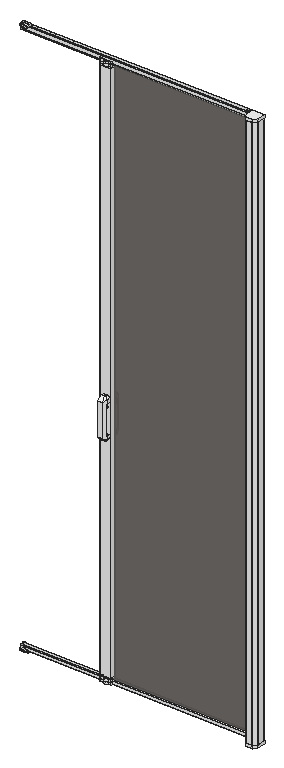
Revit family "Door_Screen-Sliding-Phantom_Screens-Single_Parting-Retractable_Door_Screens-1-3", category Specialty Equipment, Revit 2023
Family settings
  Round Connector Dimension = Use Diameter
  Part Type = Normal
  OmniClass Number = 23.30.60.21
  OmniClass Title = Insect Screens
  Work Plane-Based = No
  Enable Cutting in Views = No
  Always vertical = Yes
  Cut with Voids When Loaded = No
  Maintain Annotation Orientation = No
  Shared = No
  Room Calculation Point = No
Parameters (values of type "Latch Handle")
  Width [instance] = if(Requested Width > Max Width, Max Width, Requested Width)  # 3' - 0"
  URL = "https://www.phantomscreens.com/"
  Type Comments = "Single Parting Door"  # constant formula
  Thickness = 0' - 1 93/128"  # constant formula
  Requested Width [instance] = 3' - 0"
  Requested Height [instance] = 7' - 0"
  Product Page URL = "https://www.phantomscreens.com/retractable-door-screens/"
  Product Name = "Retractable Door Screens"  # constant formula
  Product Documentation Link = "https://www.phantomscreens.com/architects-designers/"
  Model = if(Magnetic Latch, "Magnet Latching System", "Latch and Release System")  # "Latch and Release System"
  Min Height [instance] = 6' - 6"  # constant formula
  Max Width [instance] = if(Height < 8' 4 1/8", 4' 0", 3' 0")  # 4' - 0"
  Max Height [instance] = 10' - 0"  # constant formula
  Manufacturer = "Phantom Mfg. (Int'l) Ltd."  # constant formula
  Magnetic Latch = no
  Latch Handle = not(Magnetic Latch)  # yes
  Height [instance] = if(Requested Height > Max Height, Max Height, if(Requested Height < Min Height, Min Height, Requested Height))  # 7' - 0"
  Finish Screen = Fabric-Privacy_Mesh-Phantom_Screens-Mermet_E-Screen_7505-Charcoal
  Finish = Metal-Aluminum-Phantom_Screens-Classic_White
  Door Opening Width Calc [instance] = if(Screen Opening > Max Width - 0' 4", Max Width - 0' 4", Screen Opening)  # 1' - 0"
  Screen Opening [instance] = 1' - 0"
  Description = if(Magnetic Latch, "Phantom retractable door screen with magnet catch", "Phantom retractable door screen with latching handle")  # "Phantom retractable door screen with latching handle"
  Default Elevation = 0' - 0"
  Assembly Code = "B2010300"
Reference planes (in)
  plane 1 "Center (Front/Back)": y = 0
  plane 2: z = 0
  plane 3 "Center (Left/Right)": x = 28.55646
  plane 4: z = 84
  plane 5 "Left": x = 10.55646
  plane 6 "Right": x = 46.55646
  plane 7 "Front": y = -1.19411
  plane 8 "Back": y = 0.53246
  plane 9 "Door Jamb": x = 22.55646
  plane 10: z = 1.02344
  plane 11: z = 82.99219
  plane 12: x = 44.68143
  plane 13: x = 10.55646
  plane 14: z = 84
  plane 15: x = 22.55646
Forms (in)
  Sweep 1, solid, material "Metal-Aluminum-Phantom_Screens-Classic_White" <- "Finish", detail levels medium+fine
    path origin (0, 0.53246, 0) x (-1, 0, 0) y (0, 0, 1)
      loop
        line (-22.55646, 1.27114) -> (-22.55646, 82.72709)
    profile origin (22.55646, 0.53246, 41.99911) x (-1, 0, 0) y (0, -1, 0)
      loop
        line (-1.73217, 0.22402) -> (-1.46479, 0.22402) -> (-1.46479, 0.14401) -> (-1.73217, 0.14401) -> (-1.73217, 0) -> (-0.20217, 0) -> (-0.20217, 0.10001) -> (-0.12186, 0.10001) -> (-0.12186, 0) -> (0, 0) -> (0, 0.27403) -> (-0.20002, 0.27403) -> (-0.20002, 0.35603) -> (0, 0.35603) -> (0, 0.66506) -> (-0.20102, 0.86608) -> (-1.73217, 0.86608) -> (-1.73217, 0.22402)
  Sweep 2, solid, material "Metal-Aluminum-Phantom_Screens-Classic_White" <- "Finish", detail levels medium+fine
    path origin (0, -1.19411, 0) x (-1, 0, 0) y (0, 0, 1)
      loop
        line (-46.55646, 0.375) -> (-46.55646, 83.625)
    profile origin (46.55646, -1.19411, 42) x (1, 0, 0) y (0, 1, 0)
      loop
        line (-1.75022, 1.29478) -> (-1.75022, 0.59201)
        arc (-1.75022, 0.59201) -> (-1.74457, 0.55531) -> (-1.72814, 0.522) r 0.12207
        line (-1.72814, 0.522) -> (-1.39908, 0.05205)
        arc (-1.39908, 0.05205) -> (-1.35545, 0.01379) -> (-1.29909, 0) r 0.12207
        line (-1.29909, 0) -> (-0.45113, 0)
        arc (-0.45113, 0) -> (-0.39476, 0.01379) -> (-0.35113, 0.05205) r 0.12207
        line (-0.35113, 0.05205) -> (-0.02208, 0.522)
        arc (-0.02208, 0.522) -> (-0.00565, 0.55531) -> (0, 0.59201) r 0.12207
        line (0, 0.59201) -> (0, 1.60883)
        arc (0, 1.60883) -> (-0.11477, 1.72772) -> (-0.23762, 1.6172) r 0.11896
        line (-0.23762, 1.6172) -> (-1.68976, 1.38165)
        arc (-1.68976, 1.38165) -> (-1.85842, 1.43456) -> (-1.75022, 1.29478) r 0.09263
  Sweep 3, solid, material "Metal-Aluminum-Phantom_Screens-Classic_White" <- "Finish", detail levels medium+fine
    path origin (0, 0.53246, 0) x (-1, 0, 0) y (0, 0, 1)
      loop
        line (-10.55646, 84) -> (-44.65018, 84)
    profile origin (27.60332, 0.53246, 84) x (0, 0, 1) y (0, -1, 0)
      loop
        line (0, 0) -> (0, 0.065) -> (-0.315, 0.065) -> (-0.315, 0.453) -> (-0.78198, 0.453)
        arc (-0.78198, 0.453) -> (-0.93097, 0.4163) -> (-0.78016, 0.388) r 0.0785
        line (-0.78016, 0.388) -> (-0.38, 0.388) -> (-0.38, 0.065) -> (-0.931, 0.065) -> (-0.931, 0) -> (0, 0)
  Sweep 4, solid, material "Metal-Aluminum-Phantom_Screens-Classic_White" <- "Finish", detail levels medium+fine
    path origin (0, 0.53246, 90.02002) x (-1, 0, 0) y (0, 0, -1)
      loop
        line (-10.55646, 90.02002) -> (-44.65018, 90.02002)
    profile origin (27.60332, 0.53246, 0) x (0, 0, 1) y (0, -1, 0)
      loop
        line (0, 0) -> (0.931, 0) -> (0.931, 0.065) -> (0.38, 0.065) -> (0.38, 0.388) -> (0.78016, 0.388)
        arc (0.78016, 0.388) -> (0.93097, 0.4163) -> (0.78198, 0.453) r 0.0785
        line (0.78198, 0.453) -> (0.315, 0.453) -> (0.315, 0.065) -> (0, 0.065) -> (0, 0)
  Extrusion 5, solid, material "Metal-Aluminum-Phantom_Screens-Classic_White" <- "Finish", detail levels coarse
    sketch origin (0, 0, 0) x (1, 0, 0) y (0, 1, 0)
      loop
        line (44.68143, 0.53246) -> (44.68143, -1.19411) -> (46.55646, -1.19411) -> (46.55646, 0.53246) -> (44.68143, 0.53246)
    from 0.92969 to 83.07031
  Extrusion 6, solid, material "Metal-Aluminum-Phantom_Screens-Classic_White" <- "Finish", detail levels coarse
    sketch origin (28.55646, 0, 0) x (0, 1, 0) y (0, 0, 1)
      loop
        line (0.53246, 0) -> (0.53246, 0.92969) -> (0.0358, 0.92969) -> (0.0358, 0) -> (0.53246, 0)
      loop
        line (0.53246, 84) -> (0.0358, 84) -> (0.0358, 83.07031) -> (0.53246, 83.07031) -> (0.53246, 84)
    from -18 to 15.56978
  Extrusion 7, solid, material "Metal-Aluminum-Phantom_Screens-Classic_White" <- "Finish", detail levels coarse
    sketch origin (0, 0, 0) x (1, 0, 0) y (0, 1, 0)
      loop
        line (22.55646, 0.53246) -> (22.55646, -0.33363) -> (24.28862, -0.33363) -> (24.28862, 0.53246) -> (22.55646, 0.53246)
    from 1.27114 to 82.72709
  Extrusion 8, solid, material "Fabric-Privacy_Mesh-Phantom_Screens-Mermet_E-Screen_7505-Charcoal" <- "Finish Screen"
    sketch origin (0, 0, 0) x (1, 0, 0) y (0, 1, 0)
      loop
        line (24.02124, 0.38844) -> (24.02124, 0.30843) -> (46.33771, 0.30843) -> (46.33771, 0.38844) -> (24.02124, 0.38844)
    from 0.375 to 83.30479
  Extrusion 9, solid, material "Metal-Aluminum-Phantom_Screens-Classic_White" <- "Finish", visible <- "Magnetic Latch", detail levels fine
    sketch origin (32.25319, 0.3929, 0.4711) x (0, 1, 0) y (0, 0, 1)
      loop
        line (0.09496, 35.18633) -> (0.09496, 36.55418)
        arc (0.09496, 36.55418) -> (-0.23758, 36.88671) -> (-0.57011, 36.55418) r 0.33253
        line (-0.57011, 36.55418) -> (-0.57011, 35.18633)
        arc (-0.57011, 35.18633) -> (-0.23758, 34.8538) -> (0.09496, 35.18633) r 0.33253
    from -9.77296 to -9.69674
  Extrusion 10, solid, material "Metal-Aluminum-Phantom_Screens-Classic_White" <- "Finish", visible <- "Magnetic Latch"
    sketch origin (15.69674, 0.92536, 0.4711) x (-1, 0, 0) y (0, 0, -1)
      loop
        line (5.14028, -36.88671) -> (5.83702, -36.88671) -> (5.83702, -34.8538) -> (5.14028, -34.8538) -> (5.14028, -36.88671)
    from 0.3929 to 1.10256
Lines and regions (in)
  Masking region 1
    outline origin (28.55646, 0, 0) x (0, 1, 0) y (0, 0, 1)
      loop
        line (0.38844, 82.72709) -> (0.30843, 82.72709) -> (0.30843, 1.27114) -> (0.38844, 1.27114) -> (0.38844, 82.72709)
Dimensions and locks (in)
  equal spacing: plane 5 "Left", plane 3 "Center (Left/Right)", plane 6 "Right"
  "Thickness": plane 8 "Back" to plane 7 "Front"
  "Door Opening Width Calc": plane 5 "Left" to plane 9 "Door Jamb"
  "Width": plane 5 "Left" to plane 6 "Right"
  Sweep 2 sketch curve to Sweep 2 sketch curve to Sweep 2 sketch curve to Sweep 2 sketch curve to Sweep 2 sketch curve to Sweep 2 sketch curve to Sweep 2 sketch curve to Sweep 2 sketch curve to profile plane = 0' - 0.12481" locked, 0' - 0.35113" locked, 0' - 0.1" locked, 0' - 0.84796" locked, 0' - 0.1" locked, 0' - 0.11322" locked, 0' - 0.23791" locked, 0' - 0" locked
  Sweep 2 sketch curve to Sweep 2 sketch curve to Sweep 2 sketch curve to Sweep 2 sketch curve to Sweep 2 sketch curve to Sweep 2 sketch curve to Sweep 2 sketch curve to Sweep 2 sketch curve to Sweep 2 sketch curve to profile plane = 0' - 0.25351" locked, 0' - 0.88226" locked, 0' - 0" locked, 0' - 0.07002" locked, 0' - 0" locked, 0' - 0.46994" locked, 0' - 0" locked, 0' - 0.05205" locked, 0' - 0" locked
  Sweep 1 sketch curve to Sweep 1 sketch curve to profile plane to Sweep 1 sketch curve to Sweep 1 sketch curve to Sweep 1 sketch curve to Sweep 1 sketch curve to Sweep 1 sketch curve to Sweep 1 sketch curve to Sweep 1 sketch curve = 0' - 0" locked, 0' - 0" locked, 0' - 0.12186" locked, 0' - 0.07816" locked, 0' - 0.001" locked, 0' - 0.00115" locked, 0' - 1.26261" locked, 0' - 0.26738" locked, 0' - 0" locked
  Sweep 1 sketch curve to Sweep 1 sketch curve to profile plane to Sweep 1 sketch curve to Sweep 1 sketch curve to Sweep 1 sketch curve to Sweep 1 sketch curve to Sweep 1 sketch curve to Sweep 1 sketch curve to Sweep 1 sketch curve = 0' - 0" locked, 0' - 0" locked, 0' - 0.10001" locked, 0' - 0.044" locked, 0' - 0.08001" locked, 0' - 0.05" locked, 0' - 0.08201" locked, 0' - 0.30903" locked, 0' - 0.20102" locked
  plane 10 to level = 0' - 1 3/128"
  locked: plane 4 to plane 11 at 1.00781
  locked: Sweep 3 sketch curve to plane 6 "Right" at 1.90627
  locked: Sweep 4 sketch curve to plane 6 "Right" at 1.90627
  locked: Sweep 2 sketch curve to level at 0.375
  locked: plane 4 to Sweep 2 sketch curve at 0.375
  plane 4 to Sweep 2 = 0' - 0 3/8"
  locked: Extrusion 5 sketch curve to plane 6 "Right" at 1.87502
  locked: Extrusion 5 to level at 0.92969
  locked: plane 4 to Extrusion 5 at 0.92969
  locked: Extrusion 6 sketch curve to plane 2 at 0.92969
  locked: plane 8 "Back" to Extrusion 6 sketch curve at 0.49666  (x2)
  locked: plane 4 to Extrusion 6 sketch curve at 0.92969
  locked: Extrusion 6 to plane 6 "Right" at 2.43022
  Sweep 1 to nested 4 = 0' - 0"
  locked: plane 11 to Sweep 1 sketch curve at 0.2651
  locked: Sweep 1 sketch curve to plane 10 at 0.2477
  equal spacing: Extrusion 7 sketch curve, nested 4, plane 8 "Back"
  locked: Extrusion 7 to plane 10 at 0.2477
  locked: plane 11 to Extrusion 7 at 0.2651
  "Height": plane 4 to level
  locked: plane 4 to nested 4 at 0.69521
  locked: Extrusion 8 sketch curve to plane 6 "Right" at 0.21875
  Extrusion 8 sketch curve to Extrusion 8 sketch curve to plane 8 "Back" = 0' - 0.08001" locked, 0' - 0.14401" locked
  locked: level to Extrusion 8 at 0.375
  locked: plane 4 to Extrusion 8 at 0.69521
  locked: plane 9 "Door Jamb" to Extrusion 8 sketch curve at 1.46479
  locked: plane 4 to nested 8 at 0.36275
  locked: nested 7 to level at 0.35561
  locked: plane 8 "Back" to nested 9 at 0.065
  locked: plane 8 "Back" to nested 10 at 0.065
  Sweep 3 sketch curve to Sweep 3 sketch curve to Sweep 3 sketch curve to Sweep 3 sketch curve to profile plane to Sweep 3 sketch curve = 0' - 0" locked, 0' - 0.551" locked, 0' - 0.065" locked, 0' - 0.315" locked, 0' - 0" locked
  profile plane to nested 2 to Sweep 3 sketch curve to Sweep 3 sketch curve to Sweep 3 sketch curve to Sweep 3 sketch curve to Sweep 3 sketch curve = 0' - 0" locked, 0' - 0.065" locked, 0' - 0" locked, 0' - 0.323" locked, 0' - 0.065" locked, 0' - 0.044" locked
  profile plane to nested 1 to Sweep 4 sketch curve to Sweep 4 sketch curve to Sweep 4 sketch curve to Sweep 4 sketch curve to Sweep 4 sketch curve = 0' - 0" locked, 0' - 0.065" locked, 0' - 0" locked, 0' - 0.323" locked, 0' - 0.065" locked, 0' - 0.044" locked
  profile plane to Sweep 4 sketch curve to Sweep 4 sketch curve to Sweep 4 sketch curve to Sweep 4 sketch curve to Sweep 4 sketch curve = 0' - 0" locked, 0' - 0.315" locked, 0' - 0.065" locked, 0' - 0.551" locked, 0' - 0" locked
  "Requested Width": plane 6 "Right" to plane 13
  "Requested Height": plane 14 to plane 2
  "Screen Opening": plane 5 "Left" to plane 15
  locked: Extrusion 7 sketch curve to plane 8 "Back" at 0.86608
  plane 15 to Extrusion 7 sketch curve = 0' - 1.73217"
  locked: plane 9 "Door Jamb" to Extrusion 7 at 1.73217
  plane 9 "Door Jamb" to nested 6 to Extrusion 5 = 0' - 1" locked, 1' - 11"
  locked: plane 9 "Door Jamb" to nested 5 at 1
  Extrusion 10 sketch curve to Extrusion 10 sketch curve to level = 0' - 2.03291" locked, 2' - 11.3249" locked
  Extrusion 9 sketch curve to plane 1 "Center (Front/Back)" to Extrusion 9 sketch curve = 0' - 0.48786" locked, 0' - 0.17721" locked
  Extrusion 9 sketch curve to Extrusion 9 sketch curve to level = 0' - 2.03291" locked, 2' - 11.3249" locked
  locked: Extrusion 10 sketch curve to Extrusion 10 sketch curve at 0.69674
  plane 15 to Extrusion 9 = 0' - 0.07622"
  "Screen Opening": Extrusion 10 sketch curve to plane 15
  Masking region 1 sketch curve to Masking region 1 sketch curve to plane 1 "Center (Front/Back)" = 0' - 0.08001" locked, 0' - 0.30843" locked
  locked: plane 11 to Masking region 1 sketch curve at 0.2651
  locked: Masking region 1 sketch curve to plane 10 at 0.2477
  locked: plane 9 "Door Jamb" to Extrusion 9 at 0.07622
  aligned and locked: level to plane 2
  aligned and locked: Sweep 1 sketch curve to plane 9 "Door Jamb"
  aligned and locked: Sweep 2 sketch curve to plane 6 "Right"
  aligned and locked: plane 5 "Left" to Sweep 3 sketch curve
  aligned and locked: plane 5 "Left" to Sweep 4 sketch curve
  aligned and locked: Sweep 4 sketch curve to level
  aligned and locked: nested 1 to plane 6 "Right"
  aligned and locked: nested 2 to plane 6 "Right"
  aligned and locked: plane 4 to nested 2
  aligned and locked: nested 1 to level
  aligned and locked: nested 2 to plane 8 "Back"
  aligned and locked: nested 1 to plane 8 "Back"
  aligned and locked: Extrusion 5 sketch curve to nested 1
  aligned and locked: plane 7 "Front" to Extrusion 5 sketch curve
  aligned and locked: plane 6 "Right" to Extrusion 5 sketch curve
  aligned and locked: Extrusion 6 sketch curve to plane 2
  aligned and locked: Extrusion 6 sketch curve to plane 8 "Back"
  aligned and locked: plane 8 "Back" to Extrusion 6 sketch curve
  aligned and locked: Extrusion 6 sketch curve to plane 4
  aligned and locked: Extrusion 6 to plane 5 "Left"
  aligned and locked: nested 3 to plane 9 "Door Jamb"
  aligned and locked: Extrusion 7 sketch curve to nested 3
  aligned and locked: nested 4 to plane 9 "Door Jamb"
  aligned and locked: plane 8 "Back" to nested 4
  aligned and locked: plane 8 "Back" to nested 3
  aligned and locked: plane 9 "Door Jamb" to nested 7
  aligned and locked: nested 9 to plane 2
  aligned and locked: plane 4 to nested 10
  aligned and locked: plane 5 "Left" to nested 10
  aligned and locked: plane 5 "Left" to nested 9
  aligned and locked: nested 11 to plane 6 "Right"
  aligned and locked: nested 11 to plane 7 "Front"
  aligned and locked: plane 9 "Door Jamb" to nested 12
  aligned and locked: nested 12 to plane 8 "Back"
  aligned and locked: plane 9 "Door Jamb" to nested 8
  aligned and locked: plane 8 "Back" to Extrusion 7 sketch curve
  aligned and locked: plane 8 "Back" to nested 7
  aligned and locked: plane 8 "Back" to nested 8
  aligned and locked: plane 9 "Door Jamb" to Extrusion 9
Automatic sketch dimensions
  Sweep 3 sketch curve to plane 4 = 0' - 0"
  Sweep 3 sketch curve to plane 8 "Back" = 0' - 0"
  Sweep 3 sketch curve to Sweep 3 sketch curve = 0' - 0.00182"
  Sweep 4 sketch curve to plane 8 "Back" = 0' - 0"
  Sweep 4 sketch curve to Sweep 4 sketch curve = 0' - 0.00182"
  Sweep 2 sketch curve to Sweep 2 sketch curve = 0' - 0.03218"
  Sweep 2 sketch curve to Sweep 2 sketch curve = 0' - 0.02208"
  Sweep 2 sketch curve to Sweep 2 sketch curve = 0' - 0.12207"
  Sweep 2 sketch curve to Sweep 2 sketch curve = 0' - 0.11866"
Nested families (in)
  nested 1: "Nested-Phantom_Screens-Extrusion-Cap" at (45.61894, 0.53246, 0), type "Bottom Cap"
  nested 2: "Nested-Phantom_Screens-Extrusion-Cap" at (45.61894, 0.53246, 83.625), type "Top Cap"
  nested 3: "Nested-Phantom_Screens-Extrusion-Cap-Pull" at (23.42254, 0.53246, 1.06264), visible <- "Magnetic Latch", type "Bottom Cap"
  nested 4: "Nested-Phantom_Screens-Extrusion-Cap-Pull" at (23.42254, 0.53246, 82.72709), visible <- "Magnetic Latch", type "Top Cap"
  nested 5: "Nested-Phantom_Screens-Door_Pull" at (23.55646, -0.33363, 0), Latch Right <- "Latch Handle", type "Door Pull"
    with Latch Right yes, Latch Left no
  nested 6: "Nested-Phantom_Screens-Door_Pull" at (23.55646, 0.53246, 0) x (-1, 0, 0) z (0, 0, 1), Latch Left <- "Latch Handle", type "Door Pull"
    with Latch Right no, Latch Left yes
  nested 7: "Nested-Phantom_Screens-Extrusion-Cap-Pull-Latch" at (23.42254, 0.53246, 1.06264), visible <- "Latch Handle", type "Bottom Cap"
    with Top Offset 0' - 0 53/256", Top Cap no, Bottom Offset 0' - 0 95/256", Bottom Cap yes
  nested 8: "Nested-Phantom_Screens-Extrusion-Cap-Pull-Latch" at (23.42254, 0.53246, 82.72709), visible <- "Latch Handle", type "Top Cap"
  nested 9: "Nested-Phantom_Screens-Extrusion-Latch" at (11.18683, 0.46746, 0.39), visible <- "Latch Handle", type "Bottom Cap", detail levels fine
  nested 10: "Nested-Phantom_Screens-Extrusion-Latch" at (11.18683, 0.46746, 83.61), visible <- "Latch Handle", type "Top Cap", detail levels fine
  nested 11: "Nested-Detail-Phantom_Screens-Retractable-Housing" at (45.73238, -0.30002, 0), type "Housing"
  nested 12: "Nested-Detail-Phantom_Screens-Slide_Bar" at (23.42254, 0.09942, 0), type "Slide Bar"
Definition of nested family "Nested-Phantom_Screens-Extrusion-Cap"
  Parameters (values of type "Bottom Cap")
    URL = "https://www.phantomscreens.com/"
    Type Comments = if(Top Cap, "Top Cap", "Bottom Cap")  # "Bottom Cap"
    Top Offset = if(Bottom Cap, 0' 0 119/128", 0' 0 3/8")  # 0' - 0 119/128"
    Top Cap = no
    Model = "Retractable Door Screen"  # constant formula
    Manufacturer = "Phantom Mfg. (Int'l) Ltd."  # constant formula
    Finish = none
    Description = "For Phantom Mfg. Models Only"  # constant formula
    Default Elevation = 0' - 0"
    Bottom Offset = if(Top Cap, 0' 0 71/128", 0' 0")  # 0' - 0"
    Bottom Cap = not(Top Cap)  # yes
  Types (3): name | URL | Type Comments | Top Offset | Top Cap | Bottom Offset | Bottom Cap
    (no name) | "https://www.phantomscreens.com/" | "Bottom Cap" | 0' - 0 119/128" | no | 0' - 0" | yes
    Bottom Cap | "https://www.phantomscreens.com/" | "Bottom Cap" | 0' - 0 119/128" | no | 0' - 0" | yes
    Top Cap | "" | "Top Cap" | 0' - 0 3/8" | yes | 0' - 0 71/128" | no
  Reference planes (in)
    plane 1 "Center (Front/Back)": y = 0
    plane 2: z = 0
    plane 3 "Center (Left/Right)": x = 0
  Forms (in)
    Extrusion 1, solid, material <- "Finish", visible <- "Top Cap", detail levels medium+fine
      sketch origin (-45.74289, -0.13, -89.64502) x (-1, 0, 0) y (0, 0, -1)
        loop
          line (-44.65018, -90.02002) -> (-44.54018, -90.02002) -> (-44.54018, -89.86002)
          arc (-44.54018, -89.86002) -> (-44.45018, -89.77002) -> (-44.36018, -89.86002) r 0.09
          line (-44.36018, -89.86002) -> (-44.36018, -90.02002) -> (-44.25018, -90.02002) -> (-44.25018, -89.70502) -> (-44.65018, -89.70502) -> (-44.65018, -90.02002)
      from -0.065 to 0.19496
    Extrusion 2, solid, material <- "Finish", detail levels medium+fine
      sketch origin (-45.58769, -0.53246, 0) x (1, 0, 0) y (0, 1, 0)
        loop
          line (44.77499, 0) -> (44.77499, -0.64058) -> (45.16257, -1.19411) -> (46.13762, -1.19411) -> (46.52521, -0.64058) -> (46.52521, 0.53246) -> (44.65018, 0.53246) -> (44.65018, 0.46746) -> (44.49499, 0.46746) -> (44.49499, 0) -> (44.77499, 0)
      from 0 to 0.375
    Extrusion 3, solid, material <- "Finish", visible <- "Bottom Cap", detail levels medium+fine
      sketch origin (-45.58769, -0.53246, 0) x (1, 0, 0) y (0, 1, 0)
        loop
          line (44.49499, 0) -> (44.77499, 0) -> (44.77499, 0.0358) -> (44.49499, 0.0358) -> (44.49499, 0)
      from 0.375 to 0.92969
    Extrusion 4, solid, material <- "Finish", visible <- "Top Cap", detail levels medium+fine
      sketch origin (-45.58769, 0.33082, -0.92969) x (1, 0, 0) y (0, 1, 0)
        loop
          line (44.49499, -0.86328) -> (44.77499, -0.86328) -> (44.77499, -0.82749) -> (44.49499, -0.82749) -> (44.49499, -0.86328)
      from 0.375 to 0.92969
    Extrusion 5, solid, material <- "Finish", visible <- "Bottom Cap", detail levels medium+fine
      sketch origin (-45.74289, -0.16906, 89.64502) x (-1, 0, 0) y (0, 0, -1)
        loop
          line (-44.65018, 89.64502) -> (-44.65018, 89.33002) -> (-44.25018, 89.33002) -> (-44.25018, 89.64502) -> (-44.36018, 89.64502) -> (-44.36018, 89.48502)
          arc (-44.36018, 89.48502) -> (-44.45018, 89.39502) -> (-44.54018, 89.48502) r 0.09
          line (-44.54018, 89.48502) -> (-44.54018, 89.64502) -> (-44.65018, 89.64502)
      from -0.10406 to 0.1559
    Extrusion 6, solid, material <- "Finish", detail levels coarse
      sketch origin (0, -0.86328, 0) x (1, 0, 0) y (0, 1, 0)
        loop
          line (-1.4927, 0.86328) -> (-1.4927, -0.86328) -> (0.93751, -0.86328) -> (0.93751, 0.86328) -> (-1.4927, 0.86328)
      from 0 to 0.92969
  Dimensions and locks (in)
    Extrusion 3 sketch curve to Extrusion 3 sketch curve to plane 1 "Center (Front/Back)" = 0' - 0.0358" locked, 0' - 0.49666" locked
    Extrusion 3 sketch curve to Extrusion 3 sketch curve to plane 3 "Center (Left/Right)" = 0' - 0.28" locked, 0' - 0.8127" locked
    Extrusion 1 to Extrusion 1 to plane 1 "Center (Front/Back)" = 0' - 0.25996" locked, 0' - 0.065" locked
    Extrusion 2 to level to Extrusion 2 = 0' - 0 3/8" locked, 0' - 0" locked
    Extrusion 3 to Extrusion 3 to level = 0' - 0 71/128" locked, 0' - 0 3/8" locked
    Extrusion 1 sketch curve to Extrusion 1 sketch curve to Extrusion 1 sketch curve to Extrusion 1 sketch curve to level = 0' - 0" locked, 0' - 0 1/4" locked, 0' - 0.065" locked, 0' - 0.06" locked
    plane 3 "Center (Left/Right)" to Extrusion 1 sketch curve to Extrusion 1 sketch curve to Extrusion 1 sketch curve to Extrusion 1 sketch curve = 0' - 1.0927" locked, 0' - 0.11" locked, 0' - 0.18" locked, 0' - 0.11" locked
    Extrusion 4 sketch curve to Extrusion 4 sketch curve to plane 1 "Center (Front/Back)" = 0' - 0.0358" locked, 0' - 0.49666" locked
    Extrusion 4 sketch curve to Extrusion 4 sketch curve to plane 3 "Center (Left/Right)" = 0' - 0.28" locked, 0' - 0.8127" locked
    level to Extrusion 4 to Extrusion 4 = 0' - 0", 0' - 0 71/128" locked
    Extrusion 5 to Extrusion 5 to plane 1 "Center (Front/Back)" = 0' - 0.25996" locked, 0' - 0.065" locked
    level to Extrusion 5 sketch curve to Extrusion 5 sketch curve to Extrusion 5 sketch curve to Extrusion 5 sketch curve = 0' - 0" locked, 0' - 0" locked, 0' - 0 1/4" locked, 0' - 0.065" locked
    Extrusion 5 sketch curve to Extrusion 5 sketch curve to Extrusion 5 sketch curve to Extrusion 5 sketch curve = 0' - 0.11" locked, 0' - 0.18" locked, 0' - 0.11" locked
    "Bottom Offset": level to Extrusion 6
    "Top Offset": Extrusion 6 to level
    Extrusion 6 sketch curve to plane 3 "Center (Left/Right)" to Extrusion 6 sketch curve = 0' - 1.4927" locked, 0' - 0 15/16" locked
    Extrusion 6 sketch curve to plane 1 "Center (Front/Back)" to Extrusion 6 sketch curve = 0' - 1 93/128" locked, 0' - 0" locked
    Extrusion 2 sketch curve to Extrusion 2 sketch curve to Extrusion 2 sketch curve to Extrusion 2 sketch curve to Extrusion 2 sketch curve to Extrusion 2 sketch curve to plane 1 "Center (Front/Back)" = 0' - 0.55353" locked, 0' - 0" locked, 0' - 0.64058" locked, 0' - 0.46746" locked, 0' - 0.065" locked, 0' - 0" locked
    Extrusion 2 sketch curve to Extrusion 2 sketch curve to Extrusion 2 sketch curve to Extrusion 2 sketch curve to plane 3 "Center (Left/Right)" to Extrusion 2 sketch curve to Extrusion 2 sketch curve = 0' - 0.15519" locked, 0' - 0.12481" locked, 0' - 0.38758" locked, 0' - 0.42512" locked, 0' - 0.54993" locked, 0' - 0.38758" locked
    aligned and locked: plane 2 to level
  Automatic sketch dimensions
    Extrusion 5 sketch curve to plane 3 "Center (Left/Right)" = 0' - 1.0927"
Definition of nested family "Nested-Phantom_Screens-Extrusion-Cap-Pull"
  Parameters (values of type "Bottom Cap")
    URL = "https://www.phantomscreens.com/"
    Type Comments = if(Top Cap, "Top Pull Cap", "Bottom Pull Cap")  # "Bottom Pull Cap"
    Top Offset = if(Top Cap, 0' 0 37/64", 0' 0 53/256")  # 0' - 0 53/256"
    Top Cap = no
    Model = "Retractable Door Screen"  # constant formula
    Manufacturer = "Phantom Mfg. (Int'l) Ltd."  # constant formula
    Finish = none
    Description = "For Phantom Mfg. Models Only"  # constant formula
    Default Elevation = 0' - 0"
    Bottom Offset = if(Bottom Cap, 0' 0 95/256", 0' 0")  # 0' - 0 95/256"
    Bottom Cap = not(Top Cap)  # yes
  Types (3): name | URL | Type Comments | Top Offset | Top Cap | Bottom Offset | Bottom Cap
    (no name) | "https://www.phantomscreens.com/" | "Bottom Pull Cap" | 0' - 0 53/256" | no | 0' - 0 95/256" | yes
    Bottom Cap | "https://www.phantomscreens.com/" | "Bottom Pull Cap" | 0' - 0 53/256" | no | 0' - 0 95/256" | yes
    Top Cap | "" | "Top Pull Cap" | 0' - 0 37/64" | yes | 0' - 0" | no
  Reference planes (in)
    plane 1 "Back": y = 0
    plane 2: z = 0
    plane 3 "Center (Left/Right)": x = 0
    plane 4 "Left": x = -0.86608
    plane 5 "Right": x = 0.86608
    plane 6 "Front": y = -0.86608
  Forms (in)
    Extrusion 1, solid, material <- "Finish", visible <- "Bottom Cap", detail levels medium+fine
      sketch origin (-1.26679, 44.02753, 89.27582) x (0, 1, 0) y (0, 0, -1)
        loop
          line (-44.65018, 89.64502) -> (-44.65018, 89.27582) -> (-44.25018, 89.27582) -> (-44.25018, 89.64502) -> (-44.36018, 89.64502) -> (-44.36018, 89.48502)
          arc (-44.36018, 89.48502) -> (-44.45018, 89.39502) -> (-44.54018, 89.48502) r 0.09
          line (-44.54018, 89.48502) -> (-44.54018, 89.64502) -> (-44.65018, 89.64502)
      from -1.93384 to -0.4007
    Extrusion 2, solid, material <- "Finish", detail levels coarse
      sketch origin (0, -0.86328, 0) x (1, 0, 0) y (0, 1, 0)
        loop
          line (-0.86608, 0.86328) -> (-0.86608, -0.0028) -> (0.86608, -0.0028) -> (0.86608, 0.86328) -> (-0.86608, 0.86328)
      from -0.37109 to 0.20703
    Extrusion 3, solid, material <- "Finish", detail levels medium+fine
      sketch origin (0, 0, 0) x (1, 0, 0) y (0, 1, 0)
        loop
          line (-0.86608, -0.66506) -> (-0.66506, -0.86608) -> (0.86608, -0.86608) -> (0.86608, 0) -> (-0.86608, 0) -> (-0.86608, -0.66506)
      from 0 to 0.2085
    Extrusion 4, solid, material <- "Finish", visible <- "Top Cap", detail levels medium+fine
      sketch origin (-1.26679, 44.02753, -89.06732) x (0, 1, 0) y (0, 0, -1)
        loop
          line (-44.65018, -89.64502) -> (-44.54018, -89.64502) -> (-44.54018, -89.48502)
          arc (-44.54018, -89.48502) -> (-44.45018, -89.39502) -> (-44.36018, -89.48502) r 0.09
          line (-44.36018, -89.48502) -> (-44.36018, -89.64502) -> (-44.25018, -89.64502) -> (-44.25018, -89.27582) -> (-44.65018, -89.27582) -> (-44.65018, -89.64502)
      from -1.93384 to -0.4007
  Dimensions and locks (in)
    Extrusion 1 sketch curve to Extrusion 1 sketch curve to Extrusion 1 sketch curve to Extrusion 1 sketch curve to plane 2 = 0' - 0" locked, 0' - 0 1/4" locked, 0' - 0.1192" locked, 0' - 0" locked
    Extrusion 1 sketch curve to Extrusion 1 sketch curve to Extrusion 1 sketch curve to Extrusion 1 sketch curve to plane 1 "Back" = 0' - 0.11" locked, 0' - 0.18" locked, 0' - 0.11" locked, 0' - 0 57/256" locked
    "Bottom Offset": level to Extrusion 2
    "Top Offset": Extrusion 2 to level
    Extrusion 2 sketch curve to plane 3 "Center (Left/Right)" to Extrusion 2 sketch curve = 0' - 0.86608" locked, 0' - 0.86608" locked
    Extrusion 2 sketch curve to plane 1 "Back" to Extrusion 2 sketch curve = 0' - 0.86608" locked, 0' - 0" locked
    Extrusion 3 sketch curve to plane 3 "Center (Left/Right)" to Extrusion 3 sketch curve = 0' - 0.86608" locked, 0' - 0.86608" locked
    Extrusion 3 sketch curve to plane 1 "Back" to Extrusion 3 sketch curve = 0' - 0.86608" locked, 0' - 0" locked
    plane 2 to Extrusion 4 sketch curve to Extrusion 4 sketch curve to Extrusion 4 sketch curve to Extrusion 4 sketch curve = 0' - 0.2085" locked, 0' - 0.2992" locked, 0' - 0.07" locked, 0' - 0" locked
    Extrusion 4 sketch curve to Extrusion 4 sketch curve to Extrusion 4 sketch curve to Extrusion 4 sketch curve to plane 1 "Back" = 0' - 0.11" locked, 0' - 0.18" locked, 0' - 0.11" locked, 0' - 0 57/256" locked
    locked: Extrusion 3 to level at 0.2085
    plane 5 "Right" to plane 3 "Center (Left/Right)" to plane 4 "Left" = 0' - 0.86608" locked, 0' - 0.86608" locked
    locked: plane 1 "Back" to plane 6 "Front" at 0.86608
    aligned and locked: plane 2 to level
    aligned and locked: Extrusion 3 to level
  Automatic sketch dimensions
    Extrusion 3 sketch curve to Extrusion 3 sketch curve = 0' - 0.20102"  (x2)
Definition of nested family "Nested-Phantom_Screens-Door_Pull"
  Parameters (values of type "Door Pull")
    URL = "https://www.phantomscreens.com/"
    Type Comments = "Pull"  # constant formula
    Model = "Retractable Door Screen"  # constant formula
    Manufacturer = "Phantom Mfg. (Int'l) Ltd."  # constant formula
    Latch Right [instance] = yes
    Latch Left [instance] = yes
    Default Elevation = 0' - 0"
    Center Line of Pull = 3' - 0"
    Height = 0' - 6 1/32"
    Finish = none
    Description = "For Phantom Mfg. Models Only"  # constant formula
  Reference planes (in)
    plane 1 "Back": y = 0
    plane 2 "Bottom": z = 32.98437
    plane 3 "Center (Left/Right)": x = 0
    plane 4 "Left": x = -0.60355
    plane 5 "Right": x = 0.60355
    plane 6 "Front": y = -0.93822
    plane 7 "Top": z = 39.01563
    plane 8: y = -0.43822
    plane 9: y = 0
    plane 10: z = 36
  Forms (in)
    SweptBlend 1, solid, material <- "Finish", detail levels fine
      path origin (0, 0, 0) x (0, 1, 0) y (0, 0, 1)
        loop
          line (-0.43822, 39.01563) -> (-0.93822, 39.01563)
      profile origin (0, -0.43822, 39.01563) x (0, 0, -1) y (1, 0, 0)
        loop
          line (0, -0.25) -> (0.35355, -0.60355) -> (0.85355, -0.60355) -> (0.85355, 0.60355) -> (0.35355, 0.60355) -> (0, 0.25) -> (0, -0.25)
      end profile origin (0, -0.93822, 39.01563) x (0, 0, -1) y (1, 0, 0)
        loop
          line (0.60355, -0.375) -> (0.85355, -0.375) -> (0.85355, 0.375) -> (0.60355, 0.375) -> (0.60355, -0.375)
    Extrusion 2, solid, material <- "Finish", detail levels fine
      sketch origin (0, 0, -0.85355) x (1, 0, 0) y (0, 0, 1)
        loop
          line (-0.60355, 39.51562) -> (-0.60355, 39.01562) -> (0.60355, 39.01562) -> (0.60355, 39.51562) -> (0.25, 39.86918) -> (-0.25, 39.86918) -> (-0.60355, 39.51562)
      from 0 to 0.43822
    SweptBlend 3, solid, material <- "Finish", detail levels fine
      path origin (0, 0, 22.99273) x (0, 1, 0) y (0, 0, -1)
        loop
          line (-0.43822, -9.99165) -> (-0.93822, -9.99165)
      profile origin (0, -0.43822, 32.98438) x (0, 0, -1) y (1, 0, 0)
        loop
          line (0, -0.25) -> (0, 0.25) -> (-0.35355, 0.60355) -> (-0.85355, 0.60355) -> (-0.85355, -0.60355) -> (-0.35355, -0.60355) -> (0, -0.25)
      end profile origin (0, -0.93822, 32.98438) x (0, 0, -1) y (1, 0, 0)
        loop
          line (-0.60355, -0.375) -> (-0.60355, 0.375) -> (-0.85355, 0.375) -> (-0.85355, -0.375) -> (-0.60355, -0.375)
    Extrusion 4, solid, material <- "Finish", detail levels fine
      sketch origin (0, 0, 23.84628) x (1, 0, 0) y (0, 0, 1)
        loop
          line (-0.60355, 9.49165) -> (-0.25, 9.13809) -> (0.25, 9.13809) -> (0.60355, 9.49165) -> (0.60355, 9.99165) -> (-0.60355, 9.99165) -> (-0.60355, 9.49165)
      from 0 to 0.43822
    Extrusion 5, solid, material <- "Finish", detail levels fine
      sketch origin (0, 0, 0) x (1, 0, 0) y (0, 1, 0)
        loop
          line (-0.48928, -0.68822) -> (-0.375, -0.93822) -> (0.375, -0.93822) -> (0.48928, -0.68822) -> (-0.48928, -0.68822)
      from 33.83793 to 38.16207
    Extrusion 6, solid, material <- "Finish", detail levels medium
      sketch origin (0, 0, 0) x (1, 0, 0) y (0, 1, 0)
        loop
          line (-0.60355, 0) -> (-0.60355, -0.93822) -> (0.60355, -0.93822) -> (0.60355, 0) -> (-0.60355, 0)
      from 32.98437 to 39.01563
    Extrusion 7, solid, material <- "Finish", visible <- "Latch Left", detail levels fine
      sketch origin (0, 0, 0) x (1, 0, 0) y (0, 0, 1)
        loop
          arc (-0.60355, 37.66207) -> (-0.62658, 37.57674) -> (-0.54125, 37.55371) r 0.0625
          arc (-0.54125, 37.55371) -> (-0.23945, 37.81189) -> (-0.05207, 38.16207) r 1.0745
          line (-0.05207, 38.16207) -> (-0.184, 38.16207)
          arc (-0.184, 38.16207) -> (-0.34946, 37.87489) -> (-0.60355, 37.66207) r 0.9495
      from 0.3315 to 0.48465
    Extrusion 8, solid, material <- "Finish", visible <- "Latch Right", detail levels fine
      sketch origin (0, 0, 0) x (-1, 0, 0) y (0, 0, -1)
        loop
          arc (-0.60355, -37.66207) -> (-0.34946, -37.87489) -> (-0.184, -38.16207) r 0.9495
          line (-0.184, -38.16207) -> (-0.05207, -38.16207)
          arc (-0.05207, -38.16207) -> (-0.23945, -37.81189) -> (-0.54125, -37.55371) r 1.0745
          arc (-0.54125, -37.55371) -> (-0.62658, -37.57674) -> (-0.60355, -37.66207) r 0.0625
      from 0.3315 to 0.48465
  Cuts and joins
    joined: SweptBlend 1, Extrusion 2, SweptBlend 3, Extrusion 4, Extrusion 5
  Dimensions and locks (in)
    plane 5 "Right" to plane 3 "Center (Left/Right)" to plane 4 "Left" = 0' - 0.60355", 0' - 0.60355"
    locked: plane 1 "Back" to plane 6 "Front" at 0.93822
    SweptBlend 1 sketch curve to SweptBlend 1 sketch curve to profile plane to SweptBlend 1 sketch curve to SweptBlend 1 sketch curve = 0' - 0.35355" locked, 0' - 0 1/4" locked, 0' - 0 1/4" locked, 0' - 0.35355" locked
    SweptBlend 1 sketch curve to SweptBlend 1 sketch curve to SweptBlend 1 sketch curve to plane 7 "Top" = 0' - 0 1/2" locked, 0' - 0.35355" locked, 0' - 0" locked
    SweptBlend 1 sketch curve to SweptBlend 1 sketch curve to plane 7 "Top" = 0' - 0 1/4" locked, 0' - 0.60355" locked
    SweptBlend 1 sketch curve to plane 3 "Center (Left/Right)" to SweptBlend 1 sketch curve = 0' - 0 3/8" locked, 0' - 0 3/8" locked
    Extrusion 2 sketch curve to Extrusion 2 sketch curve to plane 3 "Center (Left/Right)" to Extrusion 2 sketch curve to Extrusion 2 sketch curve = 0' - 0.35355" locked, 0' - 0 1/4" locked, 0' - 0 1/4" locked, 0' - 0.35355" locked
    Extrusion 2 sketch curve to Extrusion 2 sketch curve to Extrusion 2 sketch curve to plane 7 "Top" to Extrusion 2 sketch curve = 0' - 0 1/2" locked, 0' - 0" locked, 0' - 0.35355" locked, 0' - 0" locked
    SweptBlend 3 sketch curve to SweptBlend 3 sketch curve to profile plane to plane 3 "Center (Left/Right)" to SweptBlend 3 sketch curve to SweptBlend 3 sketch curve = 0' - 0.35355" locked, 0' - 0 1/4" locked, 0' - 0" locked, 0' - 0 1/4" locked, 0' - 0.35355" locked
    SweptBlend 3 sketch curve to plane 2 "Bottom" to SweptBlend 3 sketch curve to SweptBlend 3 sketch curve = 0' - 0" locked, 0' - 0.35355" locked, 0' - 0 1/2" locked
    plane 2 "Bottom" to SweptBlend 3 sketch curve to SweptBlend 3 sketch curve = 0' - 0.60355" locked, 0' - 0 1/4" locked
    SweptBlend 3 sketch curve to plane 3 "Center (Left/Right)" to SweptBlend 3 sketch curve = 0' - 0 3/8" locked, 0' - 0 3/8" locked
    Extrusion 4 sketch curve to Extrusion 4 sketch curve to plane 3 "Center (Left/Right)" to Extrusion 4 sketch curve to Extrusion 4 sketch curve = 0' - 0.35355" locked, 0' - 0 1/4" locked, 0' - 0 1/4" locked, 0' - 0.35355" locked
    Extrusion 4 sketch curve to Extrusion 4 sketch curve to Extrusion 4 sketch curve to Extrusion 4 sketch curve to plane 2 "Bottom" = 0' - 0 1/2" locked, 0' - 0" locked, 0' - 0.35355" locked, 0' - 0" locked
    "Height": plane 7 "Top" to plane 2 "Bottom"
    "Center Line of Pull": plane 10 to level
    locked: Extrusion 5 sketch curve to plane 6 "Front" at 0.25
    Extrusion 5 sketch curve to Extrusion 5 sketch curve to plane 3 "Center (Left/Right)" to Extrusion 5 sketch curve to Extrusion 5 sketch curve = 0' - 0.11428" locked, 0' - 0 3/8" locked, 0' - 0 3/8" locked, 0' - 0.11428" locked
    locked: plane 8 to plane 6 "Front" at 0.5
    plane 4 "Left" to plane 3 "Center (Left/Right)" to plane 5 "Right" = 0' - 0.60355" locked, 0' - 0.60355" locked
    equal spacing: plane 7 "Top", plane 10, plane 2 "Bottom"
    Extrusion 7 to plane 8 to Extrusion 7 = 0' - 0.10673" locked, 0' - 0.04643" locked
    plane 7 "Top" to Extrusion 7 sketch curve to Extrusion 7 sketch curve to Extrusion 7 sketch curve = 0' - 0.85355" locked, 0' - 0 1/2" locked, 0' - 0.10837" locked
    plane 3 "Center (Left/Right)" to Extrusion 7 sketch curve to Extrusion 7 sketch curve to Extrusion 7 sketch curve to Extrusion 7 sketch curve = 0' - 0.05207" locked, 0' - 0.13194" locked, 0' - 0.35724" locked, 0' - 0.06231" locked
    Extrusion 8 to Extrusion 8 = 0' - 0.15315"
    plane 7 "Top" to Extrusion 8 sketch curve to Extrusion 8 sketch curve to Extrusion 8 sketch curve = 0' - 0.85355" locked, 0' - 0 1/2" locked, 0' - 0.10837" locked
    plane 3 "Center (Left/Right)" to Extrusion 8 sketch curve to Extrusion 8 sketch curve to Extrusion 8 sketch curve to Extrusion 8 sketch curve = 0' - 0.05207" locked, 0' - 0.13194" locked, 0' - 0.35724" locked, 0' - 0.06231" locked
    Extrusion 8 to plane 8 to Extrusion 8 = 0' - 0.04643" locked, 0' - 0.10673" locked
    aligned and locked: plane 8 to SweptBlend 1 sketch curve
    aligned and locked: plane 6 "Front" to SweptBlend 1 sketch curve
    aligned and locked: plane 7 "Top" to SweptBlend 1 sketch curve
    aligned and locked: Extrusion 2 to plane 8
    aligned and locked: plane 9 to Extrusion 2
    aligned and locked: Extrusion 5 sketch curve to SweptBlend 1
    aligned and locked: Extrusion 5 to SweptBlend 3
    aligned and locked: Extrusion 5 to SweptBlend 1
    aligned and locked: plane 9 to Extrusion 4
    aligned and locked: cut or joined group of SweptBlend 1, Extrusion 2, SweptBlend 3, Extrusion 4, Extrusion 5 to plane 8
    aligned and locked: plane 9 to cut or joined group of SweptBlend 1, Extrusion 2, SweptBlend 3, Extrusion 4, Extrusion 5
    aligned and locked: plane 9 to plane 1 "Back"
    aligned and locked: plane 6 "Front" to Extrusion 6 sketch curve
    aligned and locked: plane 5 "Right" to Extrusion 6 sketch curve
    aligned and locked: plane 7 "Top" to Extrusion 6
    aligned and locked: Extrusion 6 to plane 2 "Bottom"
  Automatic sketch dimensions
    SweptBlend 1 sketch curve to profile plane = 0' - 0.35355"
    Extrusion 6 sketch curve to plane 4 "Left" = 0' - 0"
    plane 1 "Back" to Extrusion 6 sketch curve = 0' - 0"
    Extrusion 7 sketch curve to Extrusion 7 sketch curve = 0' - 0"  (x3)
    SweptBlend 3 sketch curve to plane 2 "Bottom" = 0' - 0"
    SweptBlend 3 sketch curve to plane 6 "Front" = 0' - 0"
    SweptBlend 3 sketch curve to plane 8 = 0' - 0"
    profile plane to SweptBlend 3 sketch curve = 0' - 0.35355"
    Extrusion 8 sketch curve to Extrusion 8 sketch curve = 0' - 0"  (x2)
    Extrusion 8 sketch curve to plane 5 "Right" = 0' - 0"
Definition of nested family "Nested-Phantom_Screens-Extrusion-Cap-Pull-Latch"
  Parameters (values of type "Bottom Cap")
    URL = "https://www.phantomscreens.com/"
    Type Comments = if(Top Cap, "Top Pull Cap", "Bottom Pull Cap")  # "Top Pull Cap"
    Top Offset = if(Top Cap, 0' 0 37/64", 0' 0 53/256")  # 0' - 0 37/64"
    Top Cap = yes
    Model = "Retractable Door Screen"  # constant formula
    Manufacturer = "Phantom Mfg. (Int'l) Ltd."  # constant formula
    Finish = none
    Description = "For Phantom Mfg. Models Only"  # constant formula
    Default Elevation = 0' - 0"
    Bottom Offset = if(Bottom Cap, 0' 0 95/256", 0' 0")  # 0' - 0"
    Bottom Cap = not(Top Cap)  # no
  Types (2): name | URL
    Bottom Cap | "https://www.phantomscreens.com/"
    Top Cap | ""
  Reference planes (in)
    plane 1 "Back": y = 0
    plane 2: z = 0
    plane 3 "Center (Left/Right)": x = 0
    plane 4 "Left": x = -0.86608
    plane 5 "Right": x = 0.86608
    plane 6 "Front": y = -0.86608
  Forms (in)
    Extrusion 1, solid, material <- "Finish", visible <- "Bottom Cap", detail levels medium+fine
      sketch origin (-1.26679, 44.02753, 89.27582) x (0, 1, 0) y (0, 0, -1)
        loop
          line (-44.65018, 89.64502) -> (-44.65018, 89.27582) -> (-44.25018, 89.27582) -> (-44.25018, 89.64502) -> (-44.36018, 89.64502) -> (-44.36018, 89.48502)
          arc (-44.36018, 89.48502) -> (-44.45018, 89.39502) -> (-44.54018, 89.48502) r 0.09
          line (-44.54018, 89.48502) -> (-44.54018, 89.64502) -> (-44.65018, 89.64502)
      from -1.93384 to -0.4007
    Extrusion 2, solid, material <- "Finish", detail levels coarse
      sketch origin (0, -0.86328, 0) x (1, 0, 0) y (0, 1, 0)
        loop
          line (-0.86608, 0.86328) -> (-0.86608, -0.0028) -> (0.86608, -0.0028) -> (0.86608, 0.86328) -> (-0.86608, 0.86328)
      from 0 to 0.57813
    Extrusion 3, solid, material <- "Finish", detail levels medium+fine
      sketch origin (0, 0, 0) x (1, 0, 0) y (0, 1, 0)
        loop
          line (-0.86608, -0.66506) -> (-0.66506, -0.86608) -> (0.86608, -0.86608) -> (0.86608, 0) -> (-0.86608, 0) -> (-0.86608, -0.66506)
      from 0 to 0.2085
    Extrusion 4, solid, material <- "Finish", visible <- "Top Cap", detail levels medium+fine
      sketch origin (-1.26679, 44.02753, -89.06732) x (0, 1, 0) y (0, 0, -1)
        loop
          line (-44.65018, -89.64502) -> (-44.54018, -89.64502) -> (-44.54018, -89.48502)
          arc (-44.54018, -89.48502) -> (-44.45018, -89.39502) -> (-44.36018, -89.48502) r 0.09
          line (-44.36018, -89.48502) -> (-44.36018, -89.64502) -> (-44.25018, -89.64502) -> (-44.25018, -89.27582) -> (-44.65018, -89.27582) -> (-44.65018, -89.64502)
      from -1.93384 to -0.4007
    Extrusion 5, solid, material <- "Finish", visible <- "Top Cap", detail levels fine
      sketch origin (-12.0797, 2.38598, 0) x (1, 0, 0) y (0, 1, 0)
        loop
          line (11.26652, -3.10395) -> (11.41464, -3.25207) -> (11.88437, -3.25207)
          arc (11.88437, -3.25207) -> (12.17937, -3.35014) -> (12.47436, -3.25207) r 0.4927
          line (12.47436, -3.25207) -> (12.94579, -3.25207) -> (12.94579, -3.09798) -> (12.52169, -3.09798)
          arc (12.52169, -3.09798) -> (12.18422, -3.27612) -> (11.84367, -3.10395) r 0.41567
          line (11.84367, -3.10395) -> (11.26652, -3.10395)
      from 0.5777 to 0.91016
    Extrusion 6, solid, material <- "Finish", visible <- "Top Cap", detail levels medium+fine
      sketch origin (-12.0797, 2.38598, 0) x (1, 0, 0) y (0, 1, 0)
        loop
          line (11.21362, -3.00864) -> (11.21362, -3.05105) -> (11.41464, -3.25207) -> (11.88437, -3.25207)
          arc (11.88437, -3.25207) -> (12.17937, -3.35014) -> (12.47436, -3.25207) r 0.4927
          line (12.47436, -3.25207) -> (12.94579, -3.25207) -> (12.94579, -3.09798) -> (12.67418, -3.09798) -> (12.67418, -3.00864) -> (11.21362, -3.00864)
      from 0.20703 to 0.5777
    Extrusion 7, solid, material <- "Finish", visible <- "Bottom Cap", detail levels fine
      sketch origin (-12.0797, 2.38598, 0) x (1, 0, 0) y (0, 1, 0)
        loop
          line (11.26652, -3.10395) -> (11.41464, -3.25207) -> (11.88437, -3.25207)
          arc (11.88437, -3.25207) -> (12.17937, -3.35014) -> (12.47436, -3.25207) r 0.4927
          line (12.47436, -3.25207) -> (12.94579, -3.25207) -> (12.94579, -3.09798) -> (12.52169, -3.09798)
          arc (12.52169, -3.09798) -> (12.18422, -3.27612) -> (11.84367, -3.10395) r 0.41567
          line (11.84367, -3.10395) -> (11.26652, -3.10395)
      from -0.70703 to -0.3692
    Extrusion 8, solid, material <- "Finish", visible <- "Bottom Cap", detail levels medium+fine
      sketch origin (-12.0797, 2.38598, 0) x (1, 0, 0) y (0, 1, 0)
        loop
          line (11.21362, -3.00864) -> (11.21362, -3.05105) -> (11.41464, -3.25207) -> (11.88437, -3.25207)
          arc (11.88437, -3.25207) -> (12.17937, -3.35014) -> (12.47436, -3.25207) r 0.4927
          line (12.47436, -3.25207) -> (12.94579, -3.25207) -> (12.94579, -3.09798) -> (12.67418, -3.09798) -> (12.67418, -3.00864) -> (11.21362, -3.00864)
      from -0.3692 to 0
  Dimensions and locks (in)
    Extrusion 1 sketch curve to Extrusion 1 sketch curve to Extrusion 1 sketch curve to Extrusion 1 sketch curve to plane 2 = 0' - 0" locked, 0' - 0 1/4" locked, 0' - 0.1192" locked, 0' - 0" locked
    Extrusion 1 sketch curve to Extrusion 1 sketch curve to Extrusion 1 sketch curve to Extrusion 1 sketch curve to plane 1 "Back" = 0' - 0.11" locked, 0' - 0.18" locked, 0' - 0.11" locked, 0' - 0 57/256" locked
    "Bottom Offset": level to Extrusion 2
    "Top Offset": Extrusion 2 to level
    Extrusion 2 sketch curve to plane 3 "Center (Left/Right)" to Extrusion 2 sketch curve = 0' - 0.86608" locked, 0' - 0.86608" locked
    Extrusion 2 sketch curve to plane 1 "Back" to Extrusion 2 sketch curve = 0' - 0.86608" locked, 0' - 0" locked
    Extrusion 3 sketch curve to plane 3 "Center (Left/Right)" to Extrusion 3 sketch curve = 0' - 0.86608" locked, 0' - 0.86608" locked
    Extrusion 3 sketch curve to plane 1 "Back" to Extrusion 3 sketch curve = 0' - 0.86608" locked, 0' - 0" locked
    plane 2 to Extrusion 4 sketch curve to Extrusion 4 sketch curve to Extrusion 4 sketch curve to Extrusion 4 sketch curve = 0' - 0.2085" locked, 0' - 0.2992" locked, 0' - 0.07" locked, 0' - 0" locked
    Extrusion 4 sketch curve to Extrusion 4 sketch curve to Extrusion 4 sketch curve to Extrusion 4 sketch curve to plane 1 "Back" = 0' - 0.11" locked, 0' - 0.18" locked, 0' - 0.11" locked, 0' - 0 57/256" locked
    locked: Extrusion 3 to level at 0.2085
    plane 5 "Right" to plane 3 "Center (Left/Right)" to plane 4 "Left" = 0' - 0.86608" locked, 0' - 0.86608" locked
    locked: plane 1 "Back" to plane 6 "Front" at 0.86608
    Extrusion 7 to Extrusion 7 to level = 0' - 0.33783" locked, 0' - 0.3692" locked
    Extrusion 8 to level to Extrusion 8 = 0' - 0" locked, 0' - 0.3692" locked
    Extrusion 6 to Extrusion 6 to level = 0' - 0.37067" locked, 0' - 0 53/256" locked
    level to Extrusion 5 to Extrusion 5 = 0' - 0.5777" locked, 0' - 0.33246" locked
    Extrusion 6 sketch curve to Extrusion 6 sketch curve to Extrusion 6 sketch curve to plane 6 "Front" to Extrusion 6 sketch curve to Extrusion 6 sketch curve to Extrusion 6 sketch curve = 0' - 0.04241" locked, 0' - 0.04693" locked, 0' - 0.15409" locked, 0' - 0" locked, 0' - 0" locked, 0' - 0.09807" locked
    Extrusion 6 sketch curve to plane 4 "Left" to Extrusion 6 sketch curve to Extrusion 6 sketch curve to Extrusion 6 sketch curve to Extrusion 6 sketch curve to Extrusion 6 sketch curve = 0' - 0" locked, 0' - 0.20102" locked, 0' - 0.46973" locked, 0' - 0.58999" locked, 0' - 0.19982" locked, 0' - 0.27161" locked
    plane 4 "Left" to Extrusion 7 sketch curve to Extrusion 7 sketch curve to Extrusion 7 sketch curve to Extrusion 7 sketch curve to Extrusion 7 sketch curve to Extrusion 7 sketch curve to Extrusion 7 sketch curve = 0' - 0.0529" locked, 0' - 0.14812" locked, 0' - 0.42903" locked, 0' - 0.0407" locked, 0' - 0.58999" locked, 0' - 0.04733" locked, 0' - 0.4241" locked
    Extrusion 7 sketch curve to Extrusion 7 sketch curve to plane 6 "Front" to Extrusion 7 sketch curve to Extrusion 7 sketch curve = 0' - 0.00597" locked, 0' - 0.14812" locked, 0' - 0" locked, 0' - 0" locked
    Extrusion 8 sketch curve to plane 4 "Left" to Extrusion 8 sketch curve to Extrusion 8 sketch curve to Extrusion 8 sketch curve to Extrusion 8 sketch curve to Extrusion 8 sketch curve = 0' - 0" locked, 0' - 0.20102" locked, 0' - 0.46973" locked, 0' - 0.58999" locked, 0' - 0.19982" locked, 0' - 0.27161" locked
    Extrusion 8 sketch curve to Extrusion 8 sketch curve to plane 6 "Front" to Extrusion 8 sketch curve to Extrusion 8 sketch curve to Extrusion 8 sketch curve = 0' - 0.08934" locked, 0' - 0.15409" locked, 0' - 0" locked, 0' - 0" locked, 0' - 0.09807" locked
    plane 4 "Left" to Extrusion 5 sketch curve to Extrusion 5 sketch curve to Extrusion 5 sketch curve to Extrusion 5 sketch curve to Extrusion 5 sketch curve to Extrusion 5 sketch curve to Extrusion 5 sketch curve = 0' - 0.0529" locked, 0' - 0.14812" locked, 0' - 0.42903" locked, 0' - 0.0407" locked, 0' - 0.58999" locked, 0' - 0.04733" locked, 0' - 0.4241" locked
    Extrusion 5 sketch curve to Extrusion 5 sketch curve to plane 6 "Front" to Extrusion 5 sketch curve to Extrusion 5 sketch curve = 0' - 0.00597" locked, 0' - 0.14812" locked, 0' - 0" locked, 0' - 0" locked
    aligned and locked: plane 2 to level
    aligned and locked: Extrusion 3 to level
  Automatic sketch dimensions
    plane 4 "Left" to Extrusion 3 sketch curve = 0' - 0.20102"
    plane 6 "Front" to Extrusion 3 sketch curve = 0' - 0.20102"
    Extrusion 7 sketch curve to Extrusion 7 sketch curve = 0' - 0.0012"
    Extrusion 7 sketch curve to Extrusion 7 sketch curve = 0' - 0.00302"
    plane 6 "Front" to Extrusion 8 sketch curve = 0' - 0.20102"
    Extrusion 5 sketch curve to Extrusion 5 sketch curve = 0' - 0.0012"
    Extrusion 5 sketch curve to Extrusion 5 sketch curve = 0' - 0.00302"
Definition of nested family "Nested-Phantom_Screens-Extrusion-Latch"
  Parameters (values of type "Bottom Cap")
    URL = "https://www.phantomscreens.com/"
    Type Comments = if(Top Cap, "Top Pull Cap", "Bottom Pull Cap")  # "Bottom Pull Cap"
    Top Offset = if(Top Cap, 0' 0 37/64", 0' 0 53/256")  # 0' - 0 53/256"
    Top Cap = no
    Model = "Retractable Door Screen"  # constant formula
    Manufacturer = "Phantom Mfg. (Int'l) Ltd."  # constant formula
    Finish = none
    Description = "For Phantom Mfg. Models Only"  # constant formula
    Default Elevation = 0' - 0"
    Bottom Offset = if(Bottom Cap, 0' 0 95/256", 0' 0")  # 0' - 0 95/256"
    Bottom Cap = not(Top Cap)  # yes
  Types (2): name | URL | Type Comments | Top Offset | Top Cap | Bottom Offset | Bottom Cap
    Bottom Cap | "https://www.phantomscreens.com/" | "Bottom Pull Cap" | 0' - 0 53/256" | no | 0' - 0 95/256" | yes
    Top Cap | "" | "Top Pull Cap" | 0' - 0 37/64" | yes | 0' - 0" | no
  Reference planes (in)
    plane 1 "Back": y = 0
    plane 2: z = 0
    plane 3 "Center (Left/Right)": x = 0
    plane 4 "Left": x = -0.63038
    plane 5 "Right": x = 0.52271
    plane 6 "Front": y = -0.53
  Forms (in)
    Extrusion 1, solid, material <- "Finish", visible <- "Top Cap"
      sketch origin (-7.53125, 0, 0) x (1, 0, 0) y (0, 0, 1)
        loop
          line (6.90087, 0.39) -> (6.90087, 0) -> (7.37587, 0) -> (7.38925, -0.15288)
          arc (7.38925, -0.15288) -> (7.41411, -0.19186) -> (7.4603, -0.19379) r 0.05
          line (7.4603, -0.19379) -> (7.9429, 0.03125) -> (8.05396, 0.03125) -> (8.05396, 0.39) -> (7.94076, 0.39) -> (7.94076, 0.24564)
          arc (7.94076, 0.24564) -> (7.90074, 0.14902) -> (7.80413, 0.109) r 0.13664
          line (7.80413, 0.109) -> (7.55305, 0.109)
          arc (7.55305, 0.109) -> (7.45697, 0.1488) -> (7.41717, 0.24488) r 0.13588
          line (7.41717, 0.24488) -> (7.41717, 0.39) -> (7.2882, 0.39) -> (7.2882, 0.24488)
          arc (7.2882, 0.24488) -> (7.15139, 0.10807) -> (7.01458, 0.24488) r 0.13681
          line (7.01458, 0.24488) -> (7.01458, 0.39) -> (6.90087, 0.39)
      from 0 to 0.53
    Extrusion 2, void
      sketch origin (0, -0.00195, 0.07813) x (0, 1, 0) y (0, 0, 1)
        loop
          line (-0.28381, 0.31471) -> (-0.28381, 0.44098) -> (-0.59957, 0.44098) -> (-0.59957, 0.05258) -> (-0.55386, 0.05258)
          arc (-0.55386, 0.05258) -> (-0.43414, 0.19941) -> (-0.28381, 0.31471) r 0.81687
      from -0.6543 to 0.54578
    Extrusion 3, solid, material <- "Finish", visible <- "Bottom Cap"
      sketch origin (-7.53125, 0, 0) x (1, 0, 0) y (0, 0, 1)
        loop
          line (6.90087, -0.39) -> (7.01458, -0.39) -> (7.01458, -0.24488)
          arc (7.01458, -0.24488) -> (7.15139, -0.10807) -> (7.2882, -0.24488) r 0.13681
          line (7.2882, -0.24488) -> (7.2882, -0.39) -> (7.41717, -0.39) -> (7.41717, -0.24488)
          arc (7.41717, -0.24488) -> (7.45697, -0.1488) -> (7.55305, -0.109) r 0.13588
          line (7.55305, -0.109) -> (7.80413, -0.109)
          arc (7.80413, -0.109) -> (7.90074, -0.14902) -> (7.94076, -0.24564) r 0.13664
          line (7.94076, -0.24564) -> (7.94076, -0.39) -> (8.05396, -0.39) -> (8.05396, -0.03125) -> (7.9429, -0.03125) -> (7.4603, 0.19379)
          arc (7.4603, 0.19379) -> (7.41411, 0.19186) -> (7.38925, 0.15288) r 0.05
          line (7.38925, 0.15288) -> (7.37587, 0) -> (6.90087, 0) -> (6.90087, -0.39)
      from 0 to 0.53
    Extrusion 4, void
      sketch origin (0, -0.00195, -0.07813) x (0, 1, 0) y (0, 0, 1)
        loop
          arc (-0.28381, -0.31471) -> (-0.43414, -0.19941) -> (-0.55386, -0.05258) r 0.81687
          line (-0.55386, -0.05258) -> (-0.59957, -0.05258) -> (-0.59957, -0.44098) -> (-0.28381, -0.44098) -> (-0.28381, -0.31471)
      from -0.6543 to 0.54578
  Cuts and joins
    Extrusion 2, Extrusion 4 cuts Extrusion 1
    Extrusion 4 cuts Extrusion 3
  Dimensions and locks (in)
    Extrusion 2 sketch curve to Extrusion 2 sketch curve to plane 6 "Front" to Extrusion 2 sketch curve to Extrusion 2 sketch curve = 0' - 0.41862" locked, 0' - 0.24424" locked, 0' - 0.02582" locked, 0' - 0.04571" locked
    plane 2 to Extrusion 2 sketch curve to Extrusion 2 sketch curve to Extrusion 2 sketch curve = 0' - 0.1307" locked, 0' - 0.26213" locked, 0' - 0.12628" locked
    Extrusion 1 sketch curve to Extrusion 1 sketch curve to Extrusion 1 sketch curve to Extrusion 1 sketch curve to Extrusion 1 sketch curve to Extrusion 1 sketch curve to Extrusion 1 sketch curve to plane 3 "Center (Left/Right)" to Extrusion 1 sketch curve to Extrusion 1 sketch curve to Extrusion 1 sketch curve to Extrusion 1 sketch curve to Extrusion 1 sketch curve = 0' - 0.1137" locked, 0' - 0.27363" locked, 0' - 0.08767" locked, 0' - 0.01338" locked, 0' - 0.02792" locked, 0' - 0.04313" locked, 0' - 0.07095" locked, 0' - 0.0218" locked, 0' - 0.25107" locked, 0' - 0.13664" locked, 0' - 0.00214" locked, 0' - 0.11106" locked
    Extrusion 1 sketch curve to Extrusion 1 sketch curve to level to Extrusion 1 sketch curve to Extrusion 1 sketch curve to Extrusion 1 sketch curve to Extrusion 1 sketch curve to Extrusion 1 sketch curve to Extrusion 1 sketch curve to Extrusion 1 sketch curve to Extrusion 1 sketch curve to Extrusion 1 sketch curve to Extrusion 1 sketch curve = 0' - 0.04091" locked, 0' - 0.15288" locked, 0' - 0" locked, 0' - 0 1/32" locked, 0' - 0.07775" locked, 0' - 0.13588" locked, 0' - 0" locked, 0' - 0" locked, 0' - 0.00075" locked, 0' - 0.14436" locked, 0' - 0" locked, 0' - 0" locked
    plane 5 "Right" to plane 3 "Center (Left/Right)" to plane 4 "Left" = 0' - 0.52271" locked, 0' - 0.63038" locked
    plane 1 "Back" to plane 6 "Front" = 0' - 0.53"
    Extrusion 4 sketch curve to Extrusion 4 sketch curve to Extrusion 4 sketch curve to Extrusion 4 sketch curve = 0' - 0.41862" locked, 0' - 0.27006" locked, 0' - 0.04571" locked
    Extrusion 4 sketch curve to Extrusion 4 sketch curve to Extrusion 4 sketch curve to plane 2 = 0' - 0.12628" locked, 0' - 0.26213" locked, 0' - 0.1307" locked
    Extrusion 3 sketch curve to Extrusion 3 sketch curve to Extrusion 3 sketch curve to Extrusion 3 sketch curve to Extrusion 3 sketch curve to Extrusion 3 sketch curve to Extrusion 3 sketch curve to Extrusion 3 sketch curve to Extrusion 3 sketch curve to Extrusion 3 sketch curve to Extrusion 3 sketch curve to Extrusion 3 sketch curve = 0' - 0.1137" locked, 0' - 0.27363" locked, 0' - 0.08767" locked, 0' - 0.01338" locked, 0' - 0.02792" locked, 0' - 0.04313" locked, 0' - 0.09275", 0' - 0.25107" locked, 0' - 0.13664" locked, 0' - 0.00214" locked, 0' - 0.11106" locked
    Extrusion 3 sketch curve to Extrusion 3 sketch curve to Extrusion 3 sketch curve to plane 2 to Extrusion 3 sketch curve to Extrusion 3 sketch curve to Extrusion 3 sketch curve to Extrusion 3 sketch curve to Extrusion 3 sketch curve to Extrusion 3 sketch curve to Extrusion 3 sketch curve to Extrusion 3 sketch curve to Extrusion 3 sketch curve = 0' - 0.04091" locked, 0' - 0.15288" locked, 0' - 0" locked, 0' - 0 1/32" locked, 0' - 0.07775" locked, 0' - 0.13588" locked, 0' - 0" locked, 0' - 0" locked, 0' - 0.00075" locked, 0' - 0.14436" locked, 0' - 0" locked, 0' - 0" locked
    aligned and locked: plane 2 to level
Definition of nested family "Nested-Detail-Phantom_Screens-Retractable-Housing"
  Parameters (values of type "Housing")
    URL = "https://www.phantomscreens.com/"
    Type Comments = "For Use With Phantom Models Only"  # constant formula
